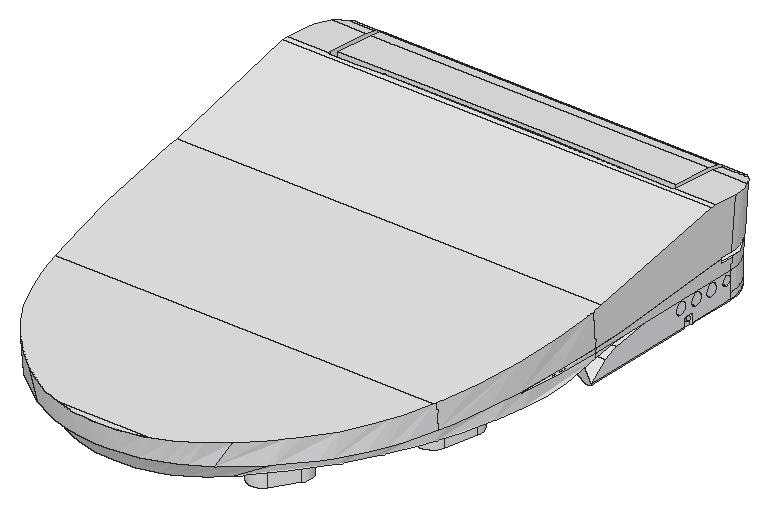
Revit family "Toilet_Seat-Elongated_Closed_Front-Cleansing-KOHLER-C3_1150-K-28362K", category Plumbing Fixtures, host Face, Revit 2021 (continued)
Definition of nested family "K-28362K"
  Lines and regions (in)
    symbolic lines, detail levels medium+fine
      curve 160: line (0, -1.81213, 1.21466) -> (0, -1.73983, 1.21466)
      curve 161: line (0, -3.29005, 1.39239) -> (0, -3.54651, 1.39239)
      curve 162: arc (0, -3.54651, 1.39239) -> (0, -3.60219, 1.36933) -> (0, -3.62525, 1.31365) r 0.07874
      curve 163: arc (0, -3.21131, 1.31365) -> (0, -3.23438, 1.36933) -> (0, -3.29005, 1.39239) r 0.07874
      curve 164: line (0, -3.21131, 1.31365) -> (0, -3.21131, 0.91732)
      curve 165: line (0, -3.62525, 1.31365) -> (0, -3.62525, 0.91732)
      curve 166: line (0, -3.12425, 1.38413) -> (0, -3.25494, 1.38413)
      curve 167: line (0, -2.46022, 1.17441) -> (0, -2.89432, 1.17441)
      curve 168: line (0, -1.81213, 1.176) -> (0, -0.20812, 1.176)
      curve 169: line (0, -1.81213, 1.21466) -> (0, -3.02881, 1.21466)
      curve 170: line (0, -1.89181, 1.21466) -> (0, -1.89181, 1.86201)
      curve 171: line (0, -2.24297, 1.86201) -> (0, -2.24297, 1.46831)
      curve 172: line (0, -2.24297, 1.46831) -> (0, -2.28177, 1.46831)
      curve 173: arc (0, -1.89181, 1.86201) -> (0, -2.06739, 2.03759) -> (0, -2.24297, 1.86201) r 0.17558
      curve 174: arc (0, -2.28177, 1.46831) -> (0, -2.57705, 1.76359) -> (0, -2.87232, 1.46831) r 0.29528
      curve 175: line (0, -2.87232, 1.46831) -> (0, -2.87232, 1.21466)
      curve 176: line (0, 0, 1.84336) -> (0, -0.19685, 1.84336)
      curve 177: line (0, -0.19685, 1.84336) -> (0, -0.19685, 1.38413)
      curve 178: line (0, -4.93094, 0.43136) -> (0, -4.44497, 0.91732)
      curve 179: line (0, -7.83541, 1.13476) -> (0, -3.61139, 1.13476)
      curve 180: line (0, -3.21131, 1.11549) -> (0, -3.02462, 1.11549)
      curve 181: line (0, -1.81213, 1.11549) -> (0, -0.26864, 1.11549)
      curve 182: line (0, -7.2775, 1.58243) -> (0, -7.46952, 1.176)
      curve 183: line (0, -7.46952, 1.176) -> (0, -7.21084, 0.91732)
      curve 184: spline (0, -0.0414, 3.06767) -> (0, -0.0578, 3.05496) -> (0, -0.07649, 3.04095) -> (0, -0.09744, 3.02569) -> (0, -0.12062, 3.00919) -> (0, -0.14598, 2.99148) -> (0, -0.17347, 2.97261) -> (0, -0.20306, 2.95259) -> (0, -0.23467, 2.93147) -> (0, -0.26827, 2.90929) -> (0, -0.30378, 2.88607) -> (0, -0.34114, 2.86188) -> (0, -0.38029, 2.83674)
      curve 185: spline (0, -0.38029, 2.83674) -> (0, -0.41028, 2.81904) -> (0, -0.44157, 2.80228) -> (0, -0.47411, 2.78649) -> (0, -0.50787, 2.77169) -> (0, -0.5428, 2.75789) -> (0, -0.57885, 2.74512) -> (0, -0.61599, 2.73339) -> (0, -0.65415, 2.72272) -> (0, -0.6933, 2.71311) -> (0, -0.73338, 2.70459) -> (0, -0.77434, 2.69717) -> (0, -0.81613, 2.69084)
      curve 186: spline (0, -0.73733, 2.51115) -> (0, -0.64545, 2.53324) -> (0, -0.55822, 2.55555) -> (0, -0.47606, 2.57799) -> (0, -0.39936, 2.60044) -> (0, -0.3285, 2.6228) -> (0, -0.26382, 2.64496) -> (0, -0.20561, 2.66681) -> (0, -0.15417, 2.68825) -> (0, -0.10974, 2.70918) -> (0, -0.07252, 2.7295) -> (0, -0.04271, 2.7491) -> (0, -0.02044, 2.7679)
      curve 187: arc (0, -1.76225, 1.85681) -> (0, -2.48359, 2.44738) -> (0, -3.12425, 1.77014) r 0.68413
      curve 188: line (0, -0.81613, 2.69084) -> (0, -2.3823, 2.52623)
      curve 189: line (0, -2.3823, 2.52623) -> (0, -4.64974, 2.44705)
      curve 190: line (0, -4.64974, 2.44705) -> (0, -12.87318, 2.0243)
      curve 191: arc (0, -12.87318, 2.0243) -> (0, -16.58763, 1.88077) -> (0, -20.30454, 1.83193) r 145.87605
      curve 192: arc (0, -20.0352, 1.78733) -> (0, -18.95252, 1.77332) -> (0, -17.86985, 1.78733) r 41.85311
      curve 193: arc (0, -17.86985, 1.78733) -> (0, -11.74924, 2.00831) -> (0, -5.63442, 2.35433) r 299.69268
      curve 194: arc (0, -5.63442, 2.35433) -> (0, -3.96644, 2.44313) -> (0, -2.29667, 2.48668) r 61.60574
      curve 195: arc (0, -2.29667, 2.48668) -> (0, -1.51569, 2.41541) -> (0, -0.73733, 2.51115) r 3.68202
      curve 196: arc (0, -6.96153, 1.62123) -> (0, -5.31908, 2.02172) -> (0, -3.68462, 2.45366) r 88.10831
      curve 197: arc (0, -6.85664, 1.76042) -> (0, -5.37976, 2.06015) -> (0, -3.92271, 2.44485) r 26.0288
      curve 198: arc (0, -5.09167, 2.3882) -> (0, -6.44282, 2.11565) -> (0, -7.80571, 1.90965) r 28.11493
      curve 199: arc (0, -7.80571, 1.90965) -> (0, -11.43775, 1.56762) -> (0, -15.08414, 1.45572) r 57.7178
      curve 200: arc (0, -15.08414, 1.45572) -> (0, -17.41157, 1.43448) -> (0, -19.7381, 1.36642) r 115.70256
      curve 201: line (0, -15.73157, 1.22238) -> (0, -17.50306, 1.19888)
      curve 202: line (0, -15.87791, 1.1253) -> (0, -17.33245, 1.10601)
      curve 203: line (0, -10.74329, 1.2966) -> (0, -13.00946, 1.2966)
      curve 204: line (-7.4128, -3.65709, 0) -> (-7.45552, -6.10457, 0)
      curve 205: line (0, -5.29395, 0.84881) -> (0, -4.96736, 0.84881)
      curve 206: line (0, -4.94137, 0.8748) -> (0, -4.94137, 0.91732)
      curve 207: line (0, -5.32277, 0.87763) -> (0, -5.32277, 0.91732)
      curve 208: arc (0, -4.96736, 0.84881) -> (0, -4.94898, 0.85642) -> (0, -4.94137, 0.8748) r 0.02599
      curve 209: arc (0, -5.29395, 0.84881) -> (0, -5.31433, 0.85725) -> (0, -5.32277, 0.87763) r 0.02882
      curve 210: arc (6.62148, 0, 1.83956) -> (6.33623, 0, 1.77928) -> (6.04824, 0, 1.7338) r 5.64484
      curve 211: line (-1.02586, 0, 0.91732) -> (-1.02586, 0, 1.02814)
      curve 212: line (1.02586, 0, 0.91732) -> (1.02586, 0, 1.02814)
      curve 213: line (-7.47268, 0, 3.77612) -> (-7.47268, 0, 3.99081)
      curve 214: arc (-7.31333, 0, 1.97927) -> (-7.29087, 0, 1.89978) -> (-7.26172, 0, 1.82249) r 0.96754
      curve 215: arc (-7.23601, 0, 1.6956) -> (-7.28764, 0, 1.77429) -> (-7.31333, 0, 1.86482) r 0.31058
      curve 216: arc (-7.31333, 0, 2.04835) -> (-6.69764, 0, 1.81807) -> (-6.0457, 0, 1.73392) r 2.86996
      curve 217: arc (7.31333, 0, 1.88549) -> (7.2553, 0, 1.79061) -> (7.18154, 0, 1.70736) r 0.63206
      curve 218: arc (7.21401, 0, 1.67304) -> (7.27102, 0, 1.73929) -> (7.31333, 0, 1.81577) r 0.42666
      curve 219: arc (7.31333, 0, 2.0486) -> (6.9705, 0, 1.93382) -> (6.62148, 0, 1.83956) r 6.09695
  Dimensions and locks (in)
    locked: plane 11 to plane 1 "Center (Front/Back)" at 20.43307
    locked: plane 11 to plane 12 at 19.62992
    locked: plane 18 to plane 17 at 7.88189
    locked: plane 16 to plane 15 at 11.42126
    locked: plane 19 to level at 4.48425
    locked: plane 19 to plane 20 at 3.56693
    locked: plane 22 to plane 20 at 1.81102
    locked: plane 23 to plane 20 at 1.43701
    plane 10 to plane 9 = 15.06299"
    aligned and locked: plane 2 to level
    aligned and locked: plane 28 to Masking region 1
    aligned and locked: plane 31 to Masking region 2
